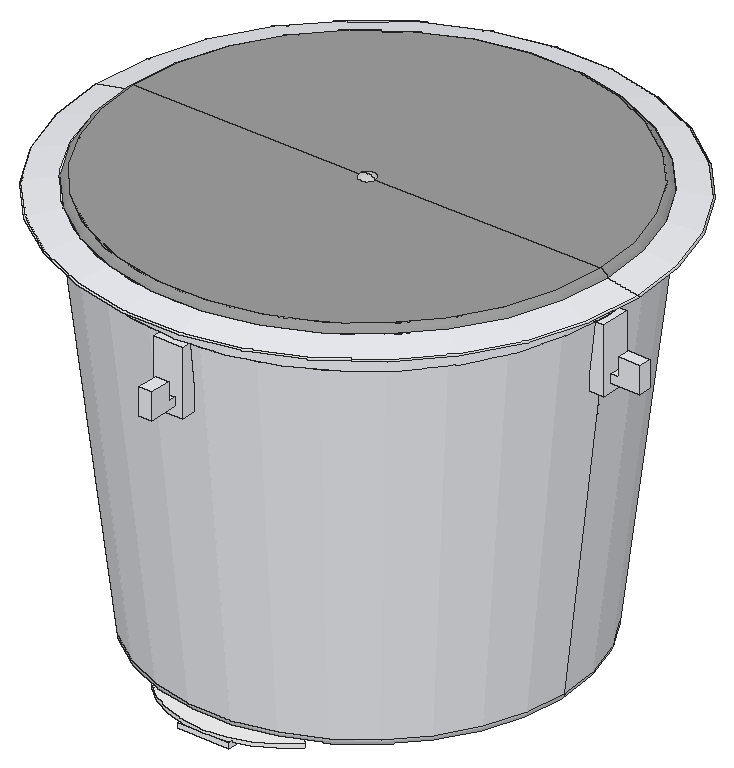
Revit family "FAP82T", category Communication Devices, Revit 2014
Parameters (values of type "Two Way, Full Range, Coaxial Ceiling Loudspeaker")
  Width = 12.75"
  Weight Product = 0
  Warranty = "5 Year"
  Vertical Symmetry = yes
  URL = "www.atlassound.com"
  Transformer Option = yes
  Speaker Type = "S1"
  Speaker Listening Height [instance] = 30.00"
  Speaker Height [instance] = 120.00"
  Speaker Dispersion = 100.00°
  Speaker Cone Visible [instance] = no
  Speaker Cone Height [instance] = (Speaker Height - Speaker Listening Height)  # 90.00"
  Sensitivity = 90
  ScheduleType |RF| = "AtlasIED Master"
  Safety Agency Ratings = "UL Listed to Comply with UL1480, UL2043 and CSA60065. Suitable for Use in Air Handling Spaces per NFPA 70 and NFPA 90"
  SPL Max = 107
  Regulatory Compliance = "UL Listed to Comply with UL1480, UL2043 and CSA60065. Suitable for Use in Air Handling Spaces per NFPA 70 and NFPA 90"
  Radius of Speaker Cone [instance] = (Speaker Cone Height) * tan(Speaker Dispersion / 2)  # 107.25782"
  Product Page URL = "https://www.atlasied.com/fap82t"
  Product Documentation Link = "https://www.atlasied.com/f/1754/ATS001619%20FAP82T%20RevC%20Data.pdf"
  Power Rating (RMS) = "70 Watts"
  Power Handling = 70
  OmniClass Title = "SPEAKERS"
  OmniClass Number = "23-37 17 13 19"
  Mount Material = QF_Plastic - White - Smooth
  Model = "FAP82T"
  MaterFormat Title = "SPEAKERS"
  MasterFormat = "27 41 13"
  Market = "Commercial, Higher Education, Emergency"
  Manufacturer URL = "https://www.atlasied.com"
  Manufacturer Phone = "(800) 876 - 3333"
  Manufacturer Email = "support@atlasied.com"
  Manufacturer Address = "4545 E. Baseline Rd., Phoenix, AZ 85042"
  Manufacturer = "ATLAS SOUND"
  Input Connectors = "4 Pole Detachable Phoenix / Euro Style Connector Allows Easy Pre-Wiring"
  Ingress Protection = "IP-21"
  Impedance = 8
  IQ Category = "SPEAKERS"
  Height = 15.75"
  Grill Material = QF_Plastic - Black - Fine Textured
  Frequency Response  = "65Hz - 20kHz  (±5dB)"
  Family Version [instance] = "2017-01"
  Family Code (default) = "LOUD SPEAKERS"
  Enclosure Material = none
  Dispersion Angle = 100.00°
  Description = "8\" COAXIAL IN-CEILING LOUDSPEAKER WITH 60-WATT 70/100V TRANSFORMER AND PORTED ENCLOSURE"
  Depth = 12.75"
  Coverage Vertical = 110.00°
  Coverage Horizontal = 110.00°
  Cost MSRP = 211.99
  Cost = 211.99
  Controls = "Front Mounted Tap Selector Switch. For easy system tuning adjustments (1.9 - 60 watts @ 70.7V Plus 8Q Bypass."
  Color = none
  Body Material = QF_Plastic - White - Smooth
  Baffle Material = none
  70V Taps = "1.9, 3.8, 7.5, 15, 30, 60 Watts & 8Ω"
  100V Taps = "1.9, 3.8, 7.5, 15, 30, 60 Watts & 8Ω"
Reference planes (in)
  plane 1 "Center (Front/Back)": y = 0
  plane 2: z = 0
  plane 3 "Center (Left/Right)": x = 0
  plane 4: z = 0.55
  plane 5: z = -8.76
  plane 6: y = 5.17184
  plane 7: y = -5.25
  plane 8: z = 0.38172
  plane 9: z = -0.75
  plane 10: z = -12.75
  plane 11: x = 7.875
  plane 12: x = -7.875
  plane 13: x = 7
  plane 14: x = -7
Forms (in)
  Revolve 1, solid, material "QF_Plastic - White - Smooth" <- "Mount Material"
    sketch origin (0, 0, 0) x (1, 0, 0) y (0, 0, 1)
      loop
        line (0, -0.75) -> (0, 0.21227) -> (-6.98569, 0.21227)
        arc (-6.98569, 0.21227) -> (-7.4174, 0.12916) -> (-7.84741, 0.03769) r 22.63754
        arc (-7.84741, 0.03769) -> (-7.8683, 0.02404) -> (-7.875, 0) r 0.03543
        line (-7.875, 0) -> (-7, 0) -> (-7, -0.75) -> (0, -0.75)
      axis (0, 0.21227) -> (0, -0.75)
    angle from 0 to 360
  Revolve 2, solid, material "QF_Plastic - Black - Fine Textured" <- "Grill Material"
    sketch origin (0, 0, 0) x (1, 0, 0) y (0, 0, 1)
      loop
        line (0, 0.21227) -> (0, 0.38172) -> (0, 0.45737)
        arc (0, 0.45737) -> (-0.12114, 0.44524) -> (-0.225, 0.38172) r 0.27343
        line (-0.225, 0.38172) -> (-6.78374, 0.38172)
        arc (-6.78374, 0.38172) -> (-6.89952, 0.31463) -> (-6.98569, 0.21227) r 0.38882
        line (-6.98569, 0.21227) -> (0, 0.21227)
      axis (0, 0.45737) -> (0, 0.21227)
    angle from 0 to 360
  Revolve 3, solid, material "QF_Plastic - White - Smooth" <- "Body Material"
    sketch origin (0, 0, 0) x (1, 0, 0) y (0, 0, 1)
      loop
        line (0, -0.75) -> (-7, -0.75) -> (-5.73727, -11.03411)
        arc (-5.73727, -11.03411) -> (-5.66973, -11.16913) -> (-5.53678, -11.24065) r 0.25
        arc (-5.53678, -11.24065) -> (-4.03634, -11.43751) -> (-2.52328, -11.46443) r 13.43767
        line (-2.52328, -11.46443) -> (0, -11.46443) -> (0, -0.75)
      axis (0, -0.75) -> (0, -11.46443)
    angle from 0 to 360
  Extrusion 4, solid, material "QF_Plastic - White - Smooth"
    sketch origin (0, 0, -0.75) x (0, 1, 0) y (1, 0, 0)
      loop
        line (0.40934, -7.21227) -> (0.40934, -6.79817) -> (-0.44066, -6.79817) -> (-0.44066, -7.21227) -> (0.40934, -7.21227)
      loop
        line (0.40934, 7.21227) -> (-0.44066, 7.21227) -> (-0.44066, 6.79817) -> (0.40934, 6.79817) -> (0.40934, 7.21227)
      loop
        line (7.21558, 0.41845) -> (6.79819, 0.41845) -> (6.79819, -0.43155) -> (7.21558, -0.43155) -> (7.21558, 0.41845)
      loop
        line (-7.21558, 0.41845) -> (-7.21558, -0.43155) -> (-6.79819, -0.43155) -> (-6.79819, 0.41845) -> (-7.21558, 0.41845)
    from 0 to 1.85886
  Extrusion 5, solid, material "QF_Plastic - White - Smooth"
    sketch origin (-3.78297, -0.44066, -0.75) x (-1, 0, 0) y (0, 0, -1)
      loop
        line (4.28853, 1.61) -> (3.07008, 1.61) -> (3.07008, 1.36) -> (3.66353, 1.36) -> (3.66353, 0.86) -> (4.28853, 0.86) -> (4.28853, 1.61)
      loop
        line (-11.85447, 1.61) -> (-11.85447, 0.86) -> (-11.22947, 0.86) -> (-11.22947, 1.36) -> (-10.63601, 1.36) -> (-10.63601, 1.61) -> (-11.85447, 1.61)
    from -0.2375 to -0.6125
  Extrusion 6, solid, material "QF_Plastic - White - Smooth"
    sketch origin (-0.425, 3.7673, -0.75) x (0, 1, 0) y (0, 0, -1)
      loop
        line (4.2952, 1.61) -> (3.07674, 1.61) -> (3.07674, 1.36) -> (3.6702, 1.36) -> (3.6702, 0.86) -> (4.2952, 0.86) -> (4.2952, 1.61)
      loop
        line (-11.8298, 1.61) -> (-11.8298, 0.86) -> (-11.2048, 0.86) -> (-11.2048, 1.36) -> (-10.61135, 1.36) -> (-10.61135, 1.61) -> (-11.8298, 1.61)
    from -0.2375 to -0.6125
  Extrusion 7, solid, material "QF_Plastic-White-Smooth"
    sketch origin (-6.66586, -182.6875, -12.75) x (-1, 0, 0) y (0, -1, 0)
      loop
        arc (-4.43618, -177.65197) -> (-6.65155, -176.73434) -> (-8.86692, -177.65197) r 3.133
        line (-8.86692, -177.65197) -> (-7.28455, -179.23434) -> (-6.01855, -179.23434) -> (-4.43618, -177.65197)
    from 1.37374 to 1.27559
  Extrusion 8, solid, material "QF_Plastic-White-Smooth"
    sketch origin (0.36869, -3.45316, -12.75) x (-1, 0, 0) y (0, 0, 1)
      loop
        line (1.016, 1.27559) -> (-0.26405, 1.27559) -> (-0.26405, 0.25)
        arc (-0.26405, 0.25) -> (-0.19083, 0.07322) -> (-0.01405, 0) r 0.25
        line (-0.01405, 0) -> (0.766, 0)
        arc (0.766, 0) -> (0.94278, 0.07322) -> (1.016, 0.25) r 0.25
        line (1.016, 0.25) -> (1.016, 1.27559)
      loop
        circle (0.37645, 0.37996) r 0.25
    from 0 to 0.13
  Extrusion 9, solid, material "QF_Plastic-White-Smooth"
    sketch origin (-6.66586, -182.6875, -11.47441) x (0, -1, 0) y (-1, 0, 0)
      loop
        line (-177.87354, -5.91901) -> (-177.86412, -7.41908) -> (-176.74282, -7.4121) -> (-176.75224, -5.91214) -> (-177.87354, -5.91901)
      loop
        line (-178.06464, -7.43003) -> (-178.07418, -5.91139) -> (-178.8591, -5.98561) -> (-178.85043, -7.36558) -> (-178.06464, -7.43003)
    from 0 to 0.13
  Blend 10, solid, material "Glass", visible <- "Speaker Cone Visible"
    base sketch origin (0, 0, 0) x (1, 0, 0) y (0, 1, 0)
      loop
        circle (0, 0.09521) r 107.25782
    top sketch origin (0, 0, 0) x (1, 0, 0) y (0, 1, 0)
      loop
        circle (0, 0.09521) r 0.13513
    from 90 <- "Speaker Cone Height" to 0
  Blend 11, solid, material "Glass", visible <- "Speaker Cone Visible"
    base sketch origin (0, 0, 0) x (1, 0, 0) y (0, 1, 0)
      loop
        circle (0, 0.09521) r 107.25782
    top sketch origin (0, 0, 0) x (1, 0, 0) y (0, 1, 0)
      loop
        circle (0, 0.09521) r 0.13513
    from 90 <- "Speaker Cone Height" to 0
Lines and regions (in)
  symbolic lines
    curve 1: circle (0, 0, 0) r 7.875 normal (0, 0, 1)
    curve 2: circle (0, 0, 0) r 0.225 normal (0, 0, 1)
    curve 3: circle (0, 0, 0) r 6.98569 normal (0, 0, 1)
  symbolic lines, style "Sound Projection Average", visible <- "Speaker Cone Visible"
    curve 4: circle (0, 0.09521, 0) r 107.25782 normal (0, 0, 1)
Dimensions and locks (in)
  plane 2 to plane 5 = 8.76"
  level to plane 9 = 0.75"
  plane 6 to plane 7 = 10.42184"
  plane 2 to plane 10 = 12.75"
  plane 14 to plane 13 = 14.00"
  plane 12 to plane 11 = 15.75"
  "Radius of Speaker Cone": radius of Blend 10 sketch curve
  "Radius of Speaker Cone": radius of Blend 11 sketch curve
  aligned and locked: plane 2 to level
  aligned and locked: curve 4 to Blend 11
Nested families (in)
  nested 1: "Speaker Annotation" at (0, 0, 0), Speaker Type <- "Speaker Type", type "Data Annotation"
    with Speaker Type "S1"
Definition of nested family "Speaker Annotation"
  Parameters (values of type "Data Annotation")
    Speaker Type [instance] = ""
  Reference planes (in)
    plane 1: y = 0
    plane 2: x = 0
  Lines and regions (in)
    detail lines, style "Data Device"
      curve 1: circle (-0.00295, 0.00032, 0) r 0.09489 normal (0, 0, 1)
  Text (in)
    label "S1" at (0.00193, -0.00496, 0), shows "Speaker Type"
